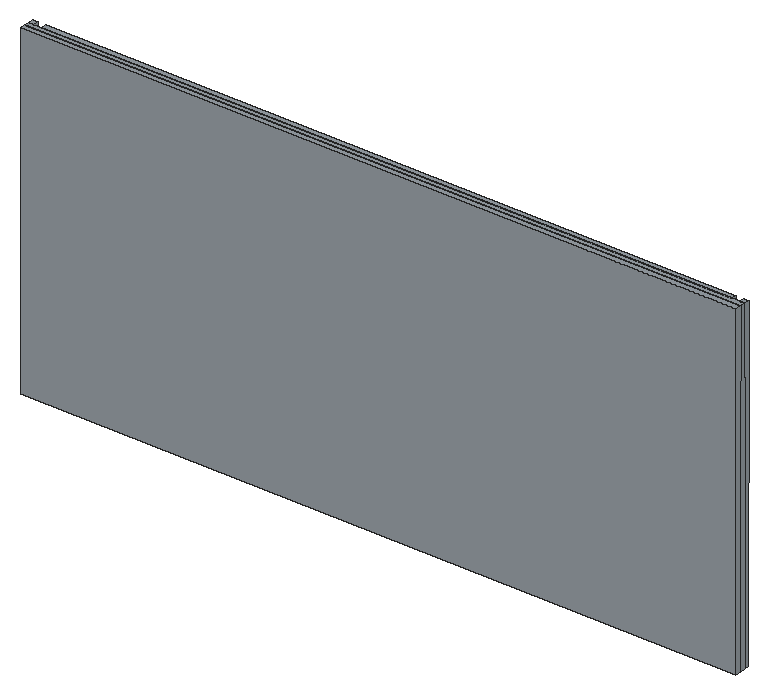
Revit family "Wall_Panel-Teknion-CWPH-Wall_Panel-R2021", category Furniture, Revit 2021
Family settings
  OmniClass Number = 23.40.20.00
  OmniClass Title = General Furniture and Specialties
  Work Plane-Based = No
  Always vertical = Yes
  Cut with Voids When Loaded = No
  Shared = Yes
  Room Calculation Point = No
Parameters (values of type "(3H) 3 High, 41.25"")
  Width [instance] = 90.000"
  Warranty = "http://www.teknion.com/ca/papers/legal-canada"
  Unit Weight URL = "http://www.teknion.com/ca/tools/assets#&asset=bee6a381-b954-425e-8283-5a2de3a804f2,f828d448-4b62-4231-9e5f-9a8991c0ed77"
  URL = "www.teknion.com"
  To render please download texture images found here [instance] = "https://assets.teknion.com/web/5e81352c1dfdb467/revit-material-swatches/"
  Sustainability Data = "https://www.teknion.com/ca/tools/assets#&topic=216f99a5-57a0-44fc-b10a-9dee9b29ae4c&asset=444deb64-fe58-4b68-981e-f75e97781df7,b4ff2d81-9f2e-437d-9659-7cffb09c31cf"
  Series = "Chronicle"  # constant formula
  Product Page URL = "https://www.teknion.com/pricing-module/chronicle-specifying"
  Product Line = "Chronicle"  # constant formula
  Product Documentation Link = "https://www.teknion.com/pricing/chronicle/pdfs/Wall-Mounted_Elements_ppg.pdf"
  Part Number = "CWPH"  # constant formula
  Panel Finishes [instance] = Fabric - Teknion - T539 - Tangle - Muddle
  Notes [instance] = "Limitation by Finishes:- [Tackable Panel Fabric - 1H,2H & 3H have 24-108inches Width, 4h has 24-78inches Width], [BP Glass - 1H & 2H have 24-108inches Width, 3H has 24-78inches Width, 4H has 24-48inches Width]"  # constant formula
  Model = "CWPH3HF__"
  Manufacturer Phone = "416-661-3370"  # constant formula
  Manufacturer Fax = "416.661.4586"  # constant formula
  Manufacturer Contact Information = "http://www.teknion.com/ca/contactus"
  Manufacturer Address = "1150 Flint Road, Toronto, ON. M3J 2J5. Canada"  # constant formula
  Manufacturer = "Teknion"  # constant formula
  How To Use Teknion Materials User Guide [instance] = "https://assets.teknion.com/m/205dd0a49fa58060/original/How-to-add-a-Material-Library-and-Texture-Images-to-your-Revit-project.pdf"
  Height [instance] = 41.250"
  For Additional Finishes please visit [instance] = "https://assets.teknion.com/m/44a8009b046e5d47/original/Teknion_Materials_Library.zip"
  Description = "Wall Panel, 3 High-41.25\",Full Height"
  Default Elevation = 0.000"
  Available Width [instance] = "24, 30, 36, 42, 48, 54, 60, 66, 72, 78, 84, 90, 96, 102 and 108 inches"  # constant formula
  Assembly Code = "E2020200"
Types (6): name | Width | Panel Finishes | Model | Height | Description
  (no name) | 90.000" | Fabric - Teknion - T539 - Tangle - Muddle | "CWPH3HF__" | 41.250" | "Wall Panel, 3 High-41.25\",Full Height"
  (1H) 1 High, 12.75" | 36.000" | Veneer - Teknion - MP - Natural Maple | "CWPH1HF__" | 12.750" | "Wall Panel, 1 High-12.75\",Full Height"
  (2H) 2 High, 26.5" | 84.000" | Fabric - Teknion - T537 - Tangle - Tousle | "CWPH2HF__" | 26.500" | "Wall Panel, 2 High-26.5\",Full Height"
  (3H) 3 High, 41.25" | 90.000" | Fabric - Teknion - T539 - Tangle - Muddle | "CWPH3HF__" | 41.250" | "Wall Panel, 3 High-41.25\",Full Height"
  (4H) 4 High, 55" | 48.000" | Back-Painted Glass - B6 - Teknion - Burnished Bronze | "CWPH4HF" | 55.000" | "Wall Panel, 4 High-55\",Full Height"
  (3H) 3 High, Reduced Height by 1" | 42.000" | Veneer-Teknion-LX-Natural_Veneer_V3-Sierra_Flat_Cut | "CWPH3HR__" | 40.250" | "Wall Panel, 3 Hight-40.25\",Reduced Height by 1\""
Reference planes (in)
  plane 1 "Center Front/Back": y = 0
  plane 2: z = 0
  plane 3 "Center Left/Right": x = 0
  plane 4 "Left": x = -45
  plane 5 "Right": x = 45
  plane 6 "Back": y = 0.9375
  plane 7 "Front": y = -1.0625
  plane 8 "Top": z = 56.5
  plane 9: z = 15.25
Forms (in)
  Sweep 1, solid, material "Fabric - Teknion - T539 - Tangle - Muddle" <- "Panel Finishes"
    path origin (0, 0, 0) x (0, 1, 0) y (0, 0, 1)
      loop
        line (0.9375, 15.25) -> (0.9375, 56.5)
    profile origin (0, 0.9375, 35.875) x (0, -1, 0) y (1, 0, 0)
      loop
        line (0, 44.375) -> (0.625, 44.375) -> (0.625, 45) -> (0, 45) -> (0, 44.375)
      loop
        line (0.625, -44.375) -> (0, -44.375) -> (0, -45) -> (0.625, -45) -> (0.625, -44.375)
  Sweep 2, solid, material "Fabric - Teknion - T539 - Tangle - Muddle" <- "Panel Finishes"
    path origin (0, 0, 0) x (1, 0, 0) y (0, 1, 0)
      loop
        line (-45, 0) -> (45, 0)
    profile origin (0, 0, 0) x (0, 1, 0) y (0, 0, 1)
      loop
        line (-0.3125, 56.5) -> (-0.3125, 15.25) -> (0.3125, 15.25) -> (0.3125, 56.5) -> (-0.3125, 56.5)
  Sweep 3, solid, material "Fabric - Teknion - T539 - Tangle - Muddle" <- "Panel Finishes"
    path origin (0, 0, 0) x (0, 1, 0) y (0, 0, 1)
      loop
        line (-1.0625, 56.5) -> (-1.0625, 15.25)
    profile origin (0, -1.0625, 35.875) x (1, 0, 0) y (0, 1, 0)
      loop
        line (-45, 0.75) -> (-45, 0) -> (45, 0) -> (45, 0.75) -> (-45, 0.75)
  Sweep 4, solid, material "Fabric - Teknion - T539 - Tangle - Muddle" <- "Panel Finishes"
    path origin (0, 0, 0) x (1, 0, 0) y (0, 1, 0)
      loop
        line (-43.375, 0.9375) -> (43.375, 0.9375)
    profile origin (0, 0.9375, 0) x (0, 1, 0) y (0, 0, 1)
      loop
        line (0, 56.5) -> (-0.625, 56.5) -> (-0.625, 51.5) -> (0, 51.5) -> (0, 56.5)
      loop
        line (0, 15.25) -> (0, 20.25) -> (-0.625, 20.25) -> (-0.625, 15.25) -> (0, 15.25)
Lines and regions (in)
  Masking region 1
    outline origin (0, 0, 0) x (1, 0, 0) y (0, 1, 0)
      loop
        line (-45, -1.0625) -> (45, -1.0625) -> (45, 0.9375) -> (-45, 0.9375) -> (-45, -1.0625)
  symbolic lines
    curve 1: line (45, -0.3125, 0) -> (-45, -0.3125, 0)
    curve 2: line (45, 0.3125, 0) -> (-45, 0.3125, 0)
    curve 3: line (-44.375, 0.3125, 0) -> (-44.375, 0.9375, 0)
    curve 4: line (-43.375, 0.3125, 0) -> (-43.375, 0.9375, 0)
    curve 5: line (44.375, 0.9375, 0) -> (44.375, 0.3125, 0)
    curve 6: line (43.375, 0.3125, 0) -> (43.375, 0.9375, 0)
  reference lines
    curve 7: line (-45, 0.9375, 0) -> (-45, -1.0625, 0)
    curve 8: line (-45, 0.9375, 0) -> (45, 0.9375, 0)
    curve 9: line (45, 0.9375, 0) -> (45, -1.0625, 0)
    curve 10: line (-45, -1.0625, 0) -> (45, -1.0625, 0)
Dimensions and locks (in)
  "Width": plane 4 "Left" to plane 5 "Right"
  locked: plane 6 "Back" to plane 7 "Front" at 2
  plane 8 "Top" to level = 56.500"
  equal spacing: plane 4 "Left", plane 3 "Center Left/Right", plane 5 "Right"
  locked: plane 9 to plane 2 at 15.25
  locked: plane 4 "Left" to Sweep 1 sketch curve at 0.625
  locked: plane 6 "Back" to Sweep 1 sketch curve at 0.625  (x2)
  locked: Sweep 1 sketch curve to plane 5 "Right" at 0.625
  Sweep 2 sketch curve to plane 1 "Center Front/Back" to Sweep 2 sketch curve = 0.3125" locked, 0.3125" locked
  locked: Sweep 3 sketch curve to plane 1 "Center Front/Back" at 0.3125
  "Height": plane 8 "Top" to plane 9
  locked: Sweep 4 sketch curve to plane 5 "Right" at 1.625
  locked: plane 4 "Left" to Sweep 4 sketch curve at 1.625
  locked: plane 8 "Top" to Sweep 4 sketch curve at 5
  locked: Sweep 4 sketch curve to plane 9 at 5
  Sweep 4 sketch curve to Sweep 4 sketch curve to plane 6 "Back" = 0.000" locked, 0.625" locked
  aligned and locked: level to plane 2
  aligned and locked: plane 6 "Back" to Sweep 1 sketch curve  (x3)
  aligned and locked: plane 9 to Sweep 1 sketch curve
  aligned and locked: plane 8 "Top" to Sweep 1 sketch curve
  aligned and locked: Sweep 1 sketch curve to plane 4 "Left"
  aligned and locked: Sweep 1 sketch curve to plane 5 "Right"
  aligned and locked: plane 1 "Center Front/Back" to Sweep 2 sketch curve
  aligned and locked: plane 5 "Right" to Sweep 2 sketch curve
  aligned and locked: plane 4 "Left" to Sweep 2 sketch curve
  aligned and locked: plane 8 "Top" to Sweep 2 sketch curve
  aligned and locked: Sweep 2 sketch curve to plane 9
  aligned and locked: plane 7 "Front" to Sweep 3 sketch curve
  aligned and locked: plane 8 "Top" to Sweep 3 sketch curve
  aligned and locked: plane 9 to Sweep 3 sketch curve
  aligned and locked: Sweep 3 sketch curve to plane 7 "Front"
  aligned and locked: plane 5 "Right" to Sweep 3 sketch curve
  aligned and locked: Sweep 3 sketch curve to plane 4 "Left"
  aligned and locked: Masking region 1 sketch curve to Sweep 3
  aligned and locked: Masking region 1 sketch curve to plane 4 "Left"
  aligned and locked: plane 5 "Right" to Masking region 1 sketch curve
  aligned and locked: curve 1 to Sweep 3
  aligned and locked: curve 2 to Sweep 2
  aligned and locked: Sweep 1 to curve 3
  aligned and locked: curve 5 to Sweep 1
  aligned and locked: Sweep 4 sketch curve to plane 6 "Back"  (x2)
  aligned and locked: plane 6 "Back" to Sweep 4 sketch curve
  aligned and locked: Sweep 4 sketch curve to plane 9
  aligned and locked: Sweep 4 sketch curve to plane 8 "Top"
  aligned and locked: curve 7 to plane 4 "Left"
  aligned and locked: curve 8 to plane 6 "Back"
  aligned and locked: curve 9 to plane 5 "Right"
  aligned and locked: plane 7 "Front" to curve 10
Automatic sketch dimensions
  curve 1 to plane 4 "Left" = 0.000"
  curve 1 to plane 5 "Right" = 0.000"
  curve 2 to plane 4 "Left" = 0.000"
  curve 2 to plane 5 "Right" = 0.000"
  curve 3 to plane 6 "Back" = 0.000"
  curve 4 to plane 6 "Back" = 0.000"
  curve 5 to plane 6 "Back" = 0.000"
  curve 6 to plane 6 "Back" = 0.000"
  curve 3 to curve 4 = 1.000"
  curve 6 to curve 5 = 1.000"
  Masking region 1 sketch curve to plane 6 "Back" = 0.000"
